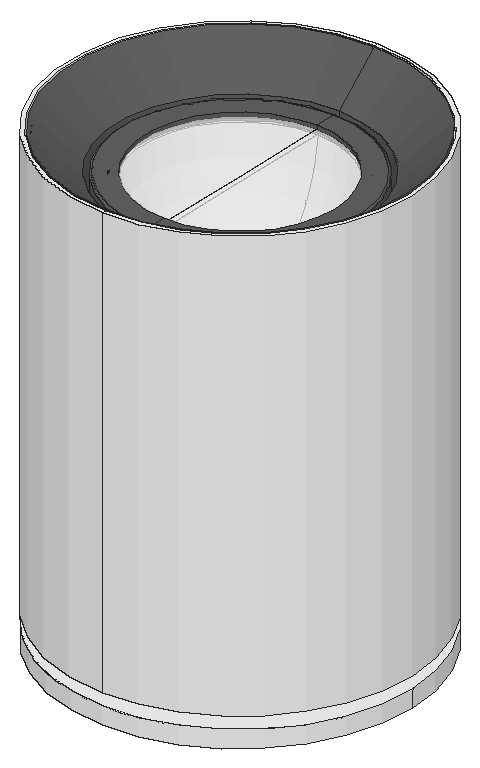
Revit family "Zaniboni-Bongo-4_Inch_Adj_Surface_Mounted-1", category Lighting Fixtures, host Face, Revit 2016
Family settings
  Host = Face
  Part Type = Normal
  Round Connector Dimension = Use Diameter
  Cut with Voids When Loaded = No
  Light Source = Yes
  Shared = No
  Room Calculation Point = No
Parameters (values of type "S3-BON4O-1327A-2C-WS-Remote")
  Wattage Comments = "9W"
  Wattage = 9.2903 W
  built-in parameter 1150110 = 1 (stored number, unit not read)
  Voltage = 120 V
  URL = "www.zanibonilighting.com"
  Type Comments = "Bongo"  # constant formula
  built-in parameter 1114217 = 1 (stored number, unit not read)
  Tilt Angle = 90.00°
  built-in parameter 1150109 = 1 (stored number, unit not read)
  built-in parameter 1150134 = 3
  built-in parameter 1150113 = 1 (stored number, unit not read)
  Support Finish = ZBN - Metal Matte White
  Screen Finish = ZBN - Glass
  Remote = Height = 8 5/32"  # no
  Photometric Web File = "generic"
  built-in parameter 1150142 = (empty or 0)
  Model = "S3-BON4O-1327A-2C-WS-Remote"
  Mechanism Finish = ZBN - Metal Matte Black
  Manufacturer = "Zaniboni"  # constant formula
  built-in parameter 1150105 = 109.82 (stored number, unit not read)
  Lumens = 1380 lm
  built-in parameter 1150115 = 1 (stored number, unit not read)
  built-in parameter 1150137 = (empty or 0)
  built-in parameter 1150139 = (empty or 0)
  built-in parameter 1150112 = 1 (stored number, unit not read)
  built-in parameter 1150114 = 1 (stored number, unit not read)
  Keynote = "12500"
  Kelvin = "2700K"
  built-in parameter 1150132 = (empty or 0)
  built-in parameter 1150102 = (empty or 0)
  built-in parameter 1150107 = 3200 (stored number, unit not read)
  built-in parameter 1150138 = (empty or 0)
  built-in parameter 1150106 = 1.0982 (stored number, unit not read)
  Height L = 6"
  Height = 6 13/32"
  Front Finish = ZBN - Metal Matte Black
  Emit from Circle Diameter = 24"
  Emit Shape Visible in Rendering = no
  built-in parameter 1150104 = 13.8 (stored number, unit not read)
  Dimming Lamp Color Temperature Shift = <None>
  Diffuser Finish = ZBN - Metal Matte White
  Description = "5 Inch light source Round Adjustable 20° Surface Mounted"
  Diameter = 4"
  Default Elevation = 48"
  Integrated Finish = ZBN - Metal Matte White
  Color Filter = 16777215
  CRI = "80"
  Body Finish = ZBN - Metal Matte White
  Beam = "24°"
  Base Finish = ZBN - Metal Matte White
  built-in parameter 1114218 = 1 (stored number, unit not read)
  built-in parameter 1150133 = 10 (stored number, unit not read)
  Assembly Code = "E1020300"
Types (3): name | Remote | Model | Height L | Height | Description | Diameter
  (no name) | no | "S3-BON4O-1327A-2C-WS-Remote" | 6" | 6 13/32" | "5 Inch light source Round Adjustable 20° Surface Mounted" | 4"
  S3-BON4O-1327A-2C-WS-Integrated | yes | "S3-BON4O-1327A-2C-WS-Integrated" | 7 3/4" | 8 5/32" | "5 Inch light source Round Adjustable 20° Surface Mounted Integrated" | 5"
  S3-BON4O-1327A-2C-WS-Remote | no | "S3-BON4O-1327A-2C-WS-Remote" | 6" | 6 13/32" | "5 Inch light source Round Adjustable 20° Surface Mounted" | 4"
Reference planes (in)
  plane 1 "Center (Front/Back)": y = 0
  plane 2: z = 0
  plane 3 "Center (Left/Right)": x = 0
  plane 4: x = -2
  plane 5: x = 2
  plane 6: y = 2
  plane 7: y = -2
  plane 8: z = 0.25
Forms (in)
  Extrusion 1, solid, material "ZBN - Metal Matte White" <- "Base Finish"
    sketch origin (0, 0, 0) x (1, 0, 0) y (0, 1, 0)
      loop
        circle (0, 0) r 2.5
    from 0 to 0.25
Lines and regions (in)
  symbolic lines
    curve 1: arc (2.5, 0, 0) -> (0, 2.5, 0) -> (-2.5, 0, 0) r 2.5
    curve 2: arc (-2.5, 0, 0) -> (0, -2.5, 0) -> (2.5, 0, 0) r 2.5
Dimensions and locks (in)
  equal spacing: plane 4, plane 3 "Center (Left/Right)", plane 5
  "Diameter": plane 4 to plane 5
  equal spacing: plane 6, plane 1 "Center (Front/Back)", plane 7
  "Diameter": plane 6 to plane 7
  locked: plane 2 to plane 8 at 0.25
  "Height": nested 1 to plane 8
  "Height L": imposter light to plane 2
  aligned and locked: plane 2 to host face
  aligned and locked: level to host face
  aligned and locked: imposter light to plane 1 "Center (Front/Back)"
  aligned and locked: plane 3 "Center (Left/Right)" to imposter light
  aligned and locked: plane 3 "Center (Left/Right)" to nested 1
  aligned and locked: plane 1 "Center (Front/Back)" to nested 1
  aligned and locked: plane 3 "Center (Left/Right)" to Extrusion 1 sketch curve
  aligned and locked: plane 1 "Center (Front/Back)" to Extrusion 1 sketch curve
  aligned and locked: Extrusion 1 to plane 8
  aligned and locked: Extrusion 1 to plane 2
  aligned and locked: curve 1 to Extrusion 1
  aligned and locked: curve 2 to Extrusion 1
Automatic sketch dimensions
  host sketch curve to host sketch curve = 11.23654"
  host sketch curve to host sketch curve = 12.1816"
  radius of Extrusion 1 sketch curve = 2 1/2"
Nested families (in)
  nested 1: "4O" at (0, 0, -1.5), Remote <- "Remote", Mechanism Finish <- "Mechanism Finish", Remote Finish <- "Integrated Finish", Screen Finish <- "Screen Finish", Front Finish <- "Front Finish", Diffuser Finish <- "Diffuser Finish", Body Finish <- "Body Finish", type "3O"
    with Screen Finish ZBN - Glass, Remote Finish ZBN - Metal Matte White, Remote no, Mechanism Finish ZBN - Metal Matte Black, Front Finish ZBN - Metal Matte Black, Diffuser Finish ZBN - Metal Matte White, Body Finish ZBN - Metal Matte White
Connectors (in)
  electrical at (0, 0, 0), driven by "Voltage"
    settings: on Extrusion 1, index 1, voltage 120 V, apparent load 0 VA, apparent load phase1 0 VA, apparent load phase2 0 VA, apparent load phase3 0 VA, power factor 1, load classification "Other", number of poles 1, system type 31, power factor state 1, is connector primary yes, connector utility no, sub classification motor no, connector description ""
Definition of nested family "4O"
  Parameters (values of type "4O")
    Screen Finish [instance] = none
    Remote Finish [instance] = none
    Remote [instance] = yes
    Mechanism Finish [instance] = none
    Front Finish [instance] = none
    Diffuser Finish [instance] = none
    Body Finish [instance] = none
  Types (2): name
    4O
    3O
  Reference planes (in)
    plane 1 "Center (Front/Back)": y = 0
    plane 2: z = 0
    plane 3 "Center (Left/Right)": x = 0
    plane 4: z = 8.15625
  Forms (in)
    Revolve 1, solid, material <- "Front Finish"
      sketch origin (0, 0, 0.73487) x (0, 1, 0) y (0, 0, 1)
        loop
          line (-2.42168, 7.42138) -> (-2.42168, 7.24813) -> (-2.34204, 7.24813) -> (-2.34204, 6.85888) -> (-1.94926, 6.85888) -> (-1.94926, 6.23388) -> (-1.79081, 6.23388) -> (-1.79081, 6.86006) -> (-2.42168, 7.42138)
        axis (0, 7.42138) -> (0, 6.23388)
      angle from 0 to 360
    Revolve 2, solid, material <- "Front Finish"
      sketch origin (0, 0, 0.73487) x (0, 1, 0) y (0, 0, 1)
        loop
          line (-1.71266, 6.83567) -> (-1.71266, 6.26832) -> (-1.61085, 6.26832) -> (-1.61085, 6.72108) -> (-1.51092, 6.72108) -> (-1.51092, 6.79982) -> (-1.37895, 6.79982) -> (-1.37895, 6.85888) -> (-1.68945, 6.85888)
          arc (-1.68945, 6.85888) -> (-1.70586, 6.85208) -> (-1.71266, 6.83567) r 0.0232
        axis (0, 6.85888) -> (0, 6.26832)
      angle from 0 to 360
    Revolve 3, solid, material <- "Mechanism Finish"
      sketch origin (0, 0, 0.73487) x (0, 1, 0) y (0, 0, 1)
        loop
          line (-1.51555, 4.59511) -> (-1.47747, 4.59511) -> (-1.47747, 3.45294)
          arc (-1.47747, 3.45294) -> (-1.38527, 3.23035) -> (-1.16268, 3.13815) r 0.31479
          line (-1.16268, 3.13815) -> (0, 3.13815) -> (0, 4.83133) -> (-1.40676, 4.83133) -> (-1.40676, 6.54953) -> (-1.51555, 6.61186) -> (-1.51555, 4.59511)
        axis (0, 6.61186) -> (0, 3.13815)
      angle from 0 to 360
    Revolve 4, solid, material <- "Body Finish"
      sketch origin (0, 0, 0) x (0, 1, 0) y (0, 0, 1)
        loop
          line (-2.5, 8.15625) -> (-2.5, 1.92138) -> (0, 1.92138) -> (0, 1.98388) -> (-2.38349, 1.98388) -> (-2.38349, 7.983) -> (-2.44603, 7.983) -> (-2.44603, 8.15625) -> (-2.5, 8.15625)
        axis (0, 8.15625) -> (0, 1.92138)
      angle from 0 to 360
    Revolve 5, solid, material <- "Screen Finish"
      sketch origin (0, 0, 0.73487) x (0, 1, 0) y (0, 0, 1)
        loop
          line (0, 6.79776) -> (-1.4896, 6.79776) -> (-1.4896, 6.72216) -> (0, 6.72216) -> (0, 6.79776)
        axis (0, 6.79776) -> (0, 6.72216)
      angle from 0 to 360
    Revolve 6, solid, material <- "Remote Finish"
      sketch origin (0, 0, 0) x (0, 1, 0) y (0, 0, 1)
        loop
          line (-2.10892, 1.92138) -> (-2.10892, 1.74913) -> (0, 1.74913) -> (0, 1.92138) -> (-2.10892, 1.92138)
        axis (0, 1.92138) -> (0, 1.74913)
      angle from 0 to 360
    Revolve 7, solid, material <- "Remote Finish", visible <- "Remote"
      sketch origin (0, 0, 0) x (0, 1, 0) y (0, 0, 1)
        loop
          line (-2.5, 0) -> (0, 0) -> (0, 1.74913) -> (-2.5, 1.74913) -> (-2.5, 0)
        axis (0, 1.74913) -> (0, 0)
      angle from 0 to 360
    Revolve 8, solid, material <- "Diffuser Finish"
      sketch origin (0, 0, 0.73487) x (0, 1, 0) y (0, 0, 1)
        loop
          arc (-0.39943, 5.00873) -> (-1.09221, 5.75268) -> (-1.40142, 6.72108) r 2.32527
          line (-1.40142, 6.72108) -> (-1.43279, 6.72108)
          arc (-1.43279, 6.72108) -> (-1.11248, 5.72552) -> (-0.39291, 4.9666) r 2.35652
          line (-0.39291, 4.9666) -> (0, 4.9666) -> (0, 4.99737) -> (-0.36275, 4.99737)
          arc (-0.36275, 4.99737) -> (-0.38195, 5.00027) -> (-0.39943, 5.00873) r 0.0649
        axis (0, 6.72108) -> (0, 4.9666)
      angle from 0 to 360
  Lines and regions (in)
    symbolic lines, detail levels fine
      curve 1: circle (0, 0, 0) r 2.5 normal (0, 0, 1)
      curve 2: circle (0, 0, 0) r 2.44603 normal (0, 0, 1)
  Dimensions and locks (in)
    aligned and locked: plane 2 to level
